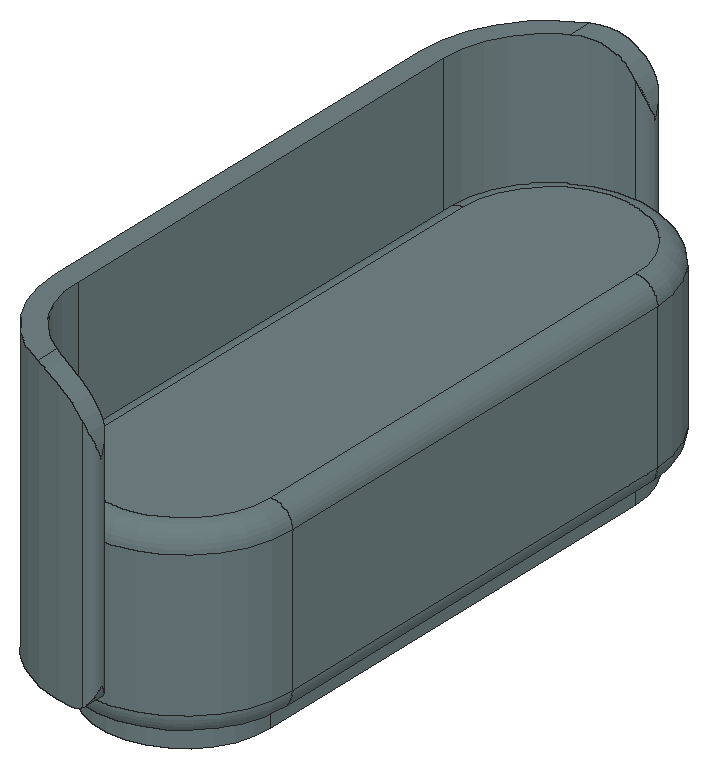
Revit family "FU_Sofa_Sandler_Tablet 7-3", category Furniture, Revit 2020
Family settings
  OmniClass Number = 23.21.23.15.17
  Work Plane-Based = Yes
  Always vertical = No
  Cut with Voids When Loaded = No
  Shared = No
  Room Calculation Point = No
Parameters (values of type "TABLET 7.3")
  Youtube clip = ""
  Uniformat II Description = "Movable Furnishings"
  Uniformat II Code = ""
  Uniclass 2015 Name = ""
  Uniclass 2015 Code = ""
  Uniclass 2.0 Description = ""
  Uniclass 2.0 Code = ""
  Uniclass 1.4 Description = ""
  Uniclass 1.4 Code = ""
  UNSPSC Code = ""
  Technical description = ""
  Shell Material = Fabric - X2 - Polygon AK002
  Region South America = "All"
  Region Oceania = "All"
  Region North America = "All"
  Region Middle East = "All"
  Region Europe = "All"
  Region Asia = "All"
  Region Antarctica = "All"
  Region Africa = "All"
  QR code = "https://www.sandlerseating.com/product/tablet-7-1/"
  Product url = "https://www.sandlerseating.com/product/tablet-7-3/"
  Product name = "TABLET 7.1"
  Product group = "Chair"
  Product family = "Furniture"
  Product data url = "https://www.sandlerseating.com/product/tablet-7-3/"
  Product certification = ""
  Product SKU = "??"
  Product Guid = "??"
  OmniClass Description = ""
  OmniClass Code = "23-21 23 15 17"
  NBS Reference Description = ""
  NBS Reference Code = ""
  Model = "TABLET 7.3"
  Masterformat 2014 Description = "Chair Mats"
  Masterformat 2014 Code = "12 48 43.13"
  Manufacturer name = "Sandler"
  Manufacturer country = "USA"
  Manufacturer = "Sandler"
  Installation instructions = ""
  IFC Classification = "Furnishing Element"
  GTIN code = ""
  Edition number = 1
  Design country = "Brasil"
  Description = "Sofa with with standard backrest and upholstered plinth."
  Default Elevation = 0.000 mm
  Date of publishing = ""
  COBIe Type Category = ""
  Brand url = "https://www.sandlerseating.com/"
  BIMobject main category code = "furniture"
  BIMobject main category = "Furniture"
  BIMobject category code = "furniture-chair"
  BIMobject category = "Chair"
Reference planes
  plane 1 "Center Front/Back": x = 0
  plane 2: z = 0
  plane 3 "Center Left/Right": x = 0
  plane 4: z = 480
  plane 5: z = 45
  plane 6: z = 770
  plane 7: x = -830
  plane 8: x = 830
  plane 9: x = 300
  plane 10: x = -300
  plane 11: x = -250
  plane 12: x = 250
  plane 13: y = -780
  plane 14: y = 780
Forms (mm)
  Extrusion 1, solid, material "Fabric - X2 - Polygon AK002" <- "Shell Material"
    sketch origin (0, 0, 800) x (0, -1, 0) y (1, 0, 0)
      loop
        arc (530, -250) -> (780, 0) -> (530, 250) r 250
        line (530, 250) -> (-530, 250)
        arc (-530, 250) -> (-780, 0) -> (-530, -250) r 250
        line (-530, -250) -> (530, -250)
    from -755 to -320
  Sweep 2, void
    path in 3D
      loop
        arc (250, 530, 480) -> (0, 780, 480) -> (-250, 530, 480) r 250
        line (-250, 530, 480) -> (-250, -530, 480)
        arc (-250, -530, 480) -> (0, -780, 480) -> (250, -530, 480) r 250
        line (250, -530, 480) -> (250, 530, 480)
    profile origin (250, 0, 480) x (-1, 0, 0) y (0, 0, 1)
      loop
        line (0, 0) -> (0, -50)
        arc (0, -50) -> (14.645, -14.645) -> (50, 0) r 50
        line (50, 0) -> (0, 0)
      loop
        line (0, -435) -> (50, -435)
        arc (50, -435) -> (14.645, -420.355) -> (0, -385) r 50
        line (0, -385) -> (0, -435)
  Extrusion 3, solid, material "Fabric - X2 - Polygon AK002" <- "Shell Material"
    sketch origin (0, 0, 800) x (0, -1, 0) y (1, 0, 0)
      loop
        arc (530, -200) -> (730, 0) -> (530, 200) r 200
        line (530, 200) -> (-530, 200)
        arc (-530, 200) -> (-730, 0) -> (-530, -200) r 200
        line (-530, -200) -> (530, -200)
    from -800 to -755
  Extrusion 4, solid, material "Fabric - X2 - Polygon AK002" <- "Shell Material"
    sketch origin (0, 0, 800) x (0, -1, 0) y (1, 0, 0)
      loop
        arc (780, 0) -> (706.777, -176.777) -> (530, -250) r 250
        line (530, -250) -> (-530, -250)
        arc (-530, -250) -> (-706.777, -176.777) -> (-780, 0) r 250
        arc (-780, 0) -> (-805, 25) -> (-830, 0) r 25
        arc (-830, 0) -> (-742.132, -212.132) -> (-530, -300) r 300
        line (-530, -300) -> (530, -300)
        arc (530, -300) -> (742.132, -212.132) -> (830, 0) r 300
        arc (830, 0) -> (805, 25) -> (780, 0) r 25
    from -702.721 to -30
  Extrusion 5, void
    sketch origin (0, 0, 0) x (-1, 0, 0) y (0, 0, 1)
      loop
        line (-25, 770) -> (-25, 620)
        arc (-25, 620) -> (18.934, 726.066) -> (125, 770) r 150
        line (125, 770) -> (-25, 770)
      loop
        line (-25, 97.279) -> (25, 97.279)
        arc (25, 97.279) -> (-10.355, 111.924) -> (-25, 147.279) r 50
        line (-25, 147.279) -> (-25, 97.279)
    from -830 to 830
Cuts and joins
  Sweep 2 cuts Extrusion 1
  Extrusion 5 cuts Extrusion 4
Lines and regions (mm)
  sketch lines
    curve 1: line (250, -530, 480) -> (250, 530, 480)
    curve 2: arc (-250, 530, 480) -> (0, 780, 480) -> (250, 530, 480) r 250
    curve 3: line (-250, 530, 480) -> (-250, -530, 480)
    curve 4: arc (250, -530, 480) -> (0, -780, 480) -> (-250, -530, 480) r 250
Dimensions and locks
  aligned and locked: level to plane 2
